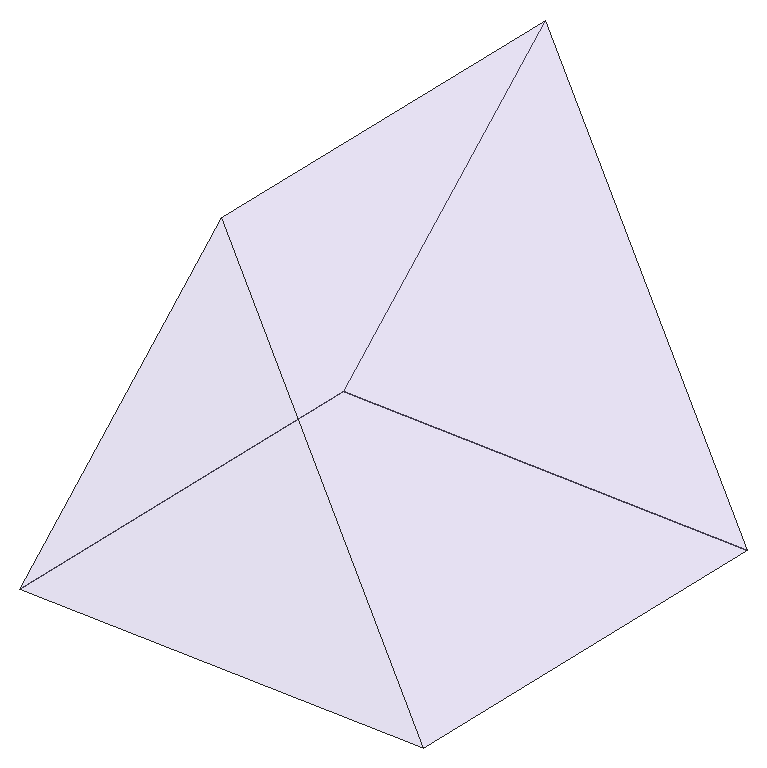
Revit family
Parameters (values of type "Isosceles")
  Width [instance] = 9000 mm
  Mass Material [instance] = Default Mass
  Height [instance] = 9000 mm
  Depth [instance] = 9000 mm
  Default Elevation = 1200 mm
Reference planes
  plane 1 "Center (Front/Back)": y = 12.955
  plane 2: z = 0
  plane 3 "Center (Left/Right)": x = -30.261
  plane 4: y = 4512.955
  plane 5: x = 4469.739
  plane 6: x = -4530.261
  plane 7: y = -4487.045
  plane 8: z = 9000
Forms (mm)
  Extrusion 1, solid, material "Default Mass" <- "Mass Material"
    sketch origin (0, 12.955, 0) x (1, 0, 0) y (0, 0, 1)
      loop
        line (-4530.261, 0) -> (4469.739, 0) -> (-30.261, 9000) -> (-4530.261, 0)
    from -4500 to 4500
Dimensions and locks
  equal spacing: plane 6, plane 3 "Center (Left/Right)", plane 5
  "Width": plane 6 to plane 5
  equal spacing: plane 4, plane 1 "Center (Front/Back)", plane 7
  "Depth": plane 4 to plane 7
  "Height": plane 8 to plane 2
  locked: level to plane 2
  aligned and locked: plane 6 to Extrusion 1 sketch curve
  aligned and locked: Extrusion 1 to plane 7
  aligned and locked: Extrusion 1 to plane 4
  aligned and locked: Extrusion 1 sketch curve to plane 2
  aligned and locked: plane 5 to Extrusion 1 sketch curve
  aligned and locked: plane 8 to Extrusion 1 sketch curve
Automatic sketch dimensions
  Extrusion 1 sketch curve to plane 3 "Center (Left/Right)" = 0 mm
